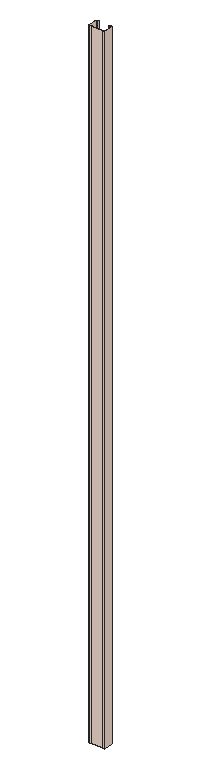
Revit family "stud_ws75", category 機械設備, Revit 2022
Family settings
  丸型コネクタ寸法 = 直径を使用
  種別 = なし
  パーツ タイプ = 標準
  作業面ベース = いいえ
  常に垂直 = はい
  ロード時にボイドで切り取り = いいえ
  注釈の向きを維持 = いいえ
  共有 = いいえ
  部屋計算ポイント = いいえ
Parameters
  製造元 = "株式会社桐井製作所"
  既定の高さ = 0 mm
  URL = "https://www.kirii.co.jp/"
  K_長さ(mm) [instance] = 3000 mm
  K_材質 = "SGCCまたはSGHC 　一般用"
  K_断面積A(mm2) = 148
  K_断面係数Zy(mm3) = 1526
  K_断面係数Zx(mm3) = 3757
  K_断面2次半径iy(mm) = 17.1
  K_断面2次半径ix(mm) = 30.9
  K_断面2次モーメントIy(mm4) = 43360
  K_断面2次モーメントIx(mm4) = 140900
  K_外形寸法(mm) = "75×45×0.8"
  K_品名 = "WS-75"
  K_名称 = "スタッド"
  K_単位質量(kg/m) = 1.196
  K_ヤング係数E(N/mm2) = 205000
  K_バージョン情報 = "20210524"
  K_めっき付着量 = "Z12"
  K_JIS規格 = "JIS G 3302"
  K_JIS外 [instance] = not(K_JIS)  # no
  K_JIS [instance] = [K_長さ(mm)] < 4001 mm  # yes
Reference planes
  plane 1 "中心(正面/背面)": y = 0
  plane 2: z = 0
  plane 3 "中心(左/右)": x = 0
  plane 4: z = 3000
  plane 5: y = 45
Forms (mm)
  Extrusion 1, solid
    sketch origin (0, 0, 0) x (0, 1, 0) y (-1, 0, 0)
      loop
        line (0.8, -29.744) -> (1.8, -28.744) -> (1.8, 28.919) -> (0.8, 29.919) -> (0.8, 36.788) -> (44.2, 36.788) -> (44.2, 28.022) -> (40.596, 28.022) -> (40.596, 27.088) -> (45, 27.088) -> (45, 37.588) -> (0, 37.588) -> (0, 29.588) -> (1, 28.588) -> (1, -28.412) -> (0, -29.412) -> (0, -37.412) -> (45, -37.412) -> (45, -26.912) -> (40.596, -26.912) -> (40.596, -27.712) -> (44.2, -27.712) -> (44.2, -36.612) -> (0.8, -36.612) -> (0.8, -29.744)
    from 0 to 3000
Dimensions and locks
  "K_長さ(mm)": plane 4 to plane 2
  plane 1 "中心(正面/背面)" to plane 5 = 45 mm
  aligned and locked: level to plane 2
  aligned and locked: plane 4 to Extrusion 1
Automatic sketch dimensions
  plane 1 "中心(正面/背面)" to Extrusion 1 sketch curve = 0 mm  (x2)
  Extrusion 1 sketch curve to plane 1 "中心(正面/背面)" = 0 mm  (x2)
  Extrusion 1 sketch curve to plane 1 "中心(正面/背面)" = 0.8 mm  (x2)
  Extrusion 1 sketch curve to plane 1 "中心(正面/背面)" = 1 mm  (x2)
  Extrusion 1 sketch curve to Extrusion 1 sketch curve = 0.8 mm  (x5)
  Extrusion 1 sketch curve to plane 5 = 4.404 mm  (x2)
  Extrusion 1 sketch curve to plane 5 = 0.8 mm  (x3)
  plane 5 to Extrusion 1 sketch curve = 0 mm
  Extrusion 1 sketch curve to Extrusion 1 sketch curve = 6.869 mm  (x2)
  Extrusion 1 sketch curve to Extrusion 1 sketch curve = 0.331 mm  (x4)
  Extrusion 1 sketch curve to Extrusion 1 sketch curve = 1 mm  (x2)
  Extrusion 1 sketch curve to Extrusion 1 sketch curve = 8.9 mm
  Extrusion 1 sketch curve to plane 3 "中心(左/右)" = 27.088 mm
  Extrusion 1 sketch curve to Extrusion 1 sketch curve = 0.934 mm
  Extrusion 1 sketch curve to plane 3 "中心(左/右)" = 28.588 mm
  Extrusion 1 sketch curve to plane 5 = 0 mm
  plane 3 "中心(左/右)" to Extrusion 1 sketch curve = 26.912 mm
